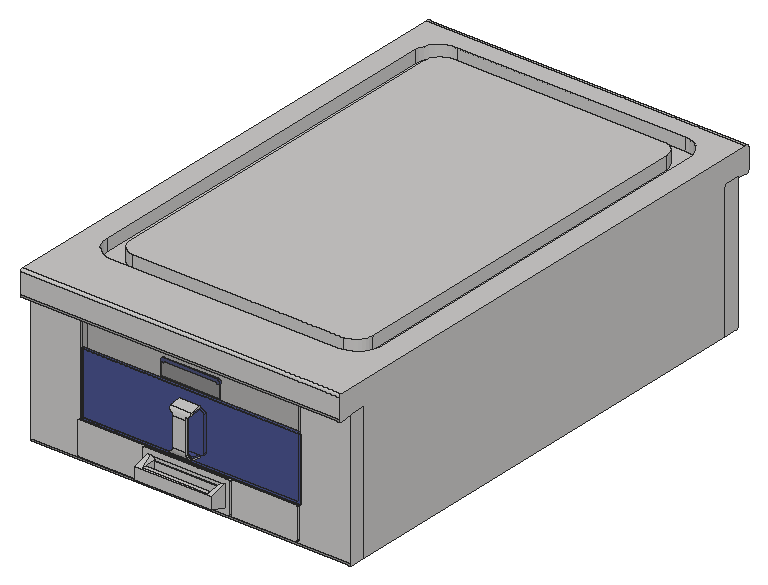
Revit family "QF_ELECTROLUXPROFESSIONAL_588005_MALBACEOAO", category Specialty Equipment, Revit 2018
Family settings
  Round Connector Dimension = Use Diameter
  Part Type = Normal
  Work Plane-Based = No
  Always vertical = Yes
  Cut with Voids When Loaded = No
  Shared = No
  Room Calculation Point = No
Parameters
  Weight in Pounds = 154.3  # constant formula
  Watts = 6000 VA  # 6000 W
  Volts = 400 V  # constant formula
  URL Cutsheet = ""
  Type Mark [instance] = ""
  Status [instance] = ""
  Specification by User [instance] = ""
  Specification by Manufacturer = ""
  Show Clearance [instance] = yes
  Serial Number = ""
  Seismic Rating = ""
  SMACNA No = ""
  Revision Code [instance] = ""
  Phase = 3  # constant formula
  Omniclass Number and Title = ""
  Number of Poles [instance] = 1
  NAFEM Spec ID Number = ""
  Model = "588005"
  Min Ckt Ampacity = 0 A
  Max Overcurrent Protection = 0 A
  Masterspec = ""
  Manufacturer = "ELECTROLUX"
  Item Number [instance] = ""
  Installed By [instance] = ""
  Identify Quantity as Lot [instance] = yes
  HP = "8 HP"
  Furnished By [instance] = ""
  Foodservice Equipment Identifier [instance] = yes
  FL Amps [instance] = if(Phase = 3, Watts / (Volts * 1.73), Watts / Volts)  # 8.67052 A
  Electrical Remarks = "400 V/3N ph/50/60 Hz"  # constant formula
  Electric Connection Type [instance] = ""
  Elec Conn RI Height [instance] = 0 mm
  Elec Conn Connection Height [instance] = 0 mm
  Direct Waste Size = 0"
  Description = "EL.SOLID TOP,2 ZONES,ECO,2S,500X800X250H"
  Cycle [instance] = if([60 Hertz Option], 60 Hz, 50 Hz)  # 60 Hz
  Conn Plug = ""
  Conn Conduit = yes
  CSI MasterFormat = ""
  CSI Master Format = ""
  Back Panel [instance] = yes
  Apparent Power [instance] = if(Phase = 3, Volts * FL Amps * 1.73, Volts * FL Amps)  # 6000 VA
  60 Hertz Option [instance] = not([50 Hertz Option])  # yes
  50 Hertz Option [instance] = no
Reference planes
  plane 1 "BACK": y = -100
  plane 2: z = 0
  plane 3 "LEFT": x = 0
  plane 4 "RIGHT": x = 500
  plane 5 "FRONT": y = -900
  plane 6 "TOP": z = 250
  plane 7: x = 250
  plane 8: y = -500
  plane 9: x = 455
  plane 10: y = -1330
Forms (mm)
  Extrusion 1, solid, material "QF_Finishes_Stainless Steel"
    sketch origin (0, -487.128, 0) x (0, 1, 0) y (0, 0, 1)
      loop
        line (383.128, 250) -> (-408.872, 250)
        arc (-408.872, 250) -> (-411.7, 248.828) -> (-412.872, 246) r 4
        line (-412.872, 246) -> (-412.872, 214)
        arc (-412.872, 214) -> (-411.443, 210.936) -> (-408.177, 210.061) r 4
        line (-408.177, 210.061) -> (-391.509, 213) -> (-366.872, 213) -> (-366.872, 0) -> (341.128, 0) -> (341.128, 213) -> (365.765, 213) -> (382.433, 210.061)
        arc (382.433, 210.061) -> (385.699, 210.936) -> (387.128, 214) r 4
        line (387.128, 214) -> (387.128, 246)
        arc (387.128, 246) -> (385.956, 248.828) -> (383.128, 250) r 4
    from 0 to 500
  Extrusion 2, void
    sketch origin (653.786, -55.952, 250) x (1, 0, 0) y (0, -1, 0)
      loop
        arc (-619.186, 115.648) -> (-608.349, 89.485) -> (-582.186, 78.648) r 37
        line (-582.186, 78.648) -> (-225.386, 78.648)
        arc (-225.386, 78.648) -> (-199.223, 89.485) -> (-188.386, 115.648) r 37
        line (-188.386, 115.648) -> (-188.386, 716.572)
        arc (-188.386, 716.572) -> (-199.656, 743.779) -> (-226.863, 755.048) r 38.476
        line (-226.863, 755.048) -> (-582.186, 755.048)
        arc (-582.186, 755.048) -> (-608.349, 744.211) -> (-619.186, 718.048) r 37
        line (-619.186, 718.048) -> (-619.186, 115.648)
    from 0 to 19.1
  Extrusion 3, solid, material "QF_Finishes_Stainless Steel"
    sketch origin (0, -854, 0) x (1, 0, 0) y (0, -1, 0)
      loop
        circle (455, -169) r 6.35
    from 0 to 3.2
  Extrusion 4, solid, material "QF_Finishes_Stainless Steel"
    sketch origin (653.786, 9.048, 230.9) x (1, 0, 0) y (0, 1, 0)
      loop
        arc (-568.386, -169.048) -> (-586.347, -176.488) -> (-593.786, -194.448) r 25.4
        line (-593.786, -194.448) -> (-593.786, -769.248)
        arc (-593.786, -769.248) -> (-586.347, -787.209) -> (-568.386, -794.648) r 25.4
        line (-568.386, -794.648) -> (-239.186, -794.648)
        arc (-239.186, -794.648) -> (-221.226, -787.209) -> (-213.786, -769.248) r 25.4
        line (-213.786, -769.248) -> (-213.786, -194.448)
        arc (-213.786, -194.448) -> (-221.226, -176.488) -> (-239.186, -169.048) r 25.4
        line (-239.186, -169.048) -> (-568.386, -169.048)
    from 0 to 19.1
  Extrusion 5, solid, material "QF_Door-Drawer Clearances", visible <- "Show Clearance", detail levels coarse
    sketch origin (287.31, -881.593, 8.62) x (0, 0, 1) y (-1, 0, 0)
      loop
        line (1.973, -134.295) -> (49.317, -134.295)
        arc (49.317, -134.295) -> (50.776, -133.691) -> (51.38, -132.232) r 2.063
        line (51.38, -132.232) -> (51.38, 206.852)
        arc (51.38, 206.852) -> (50.88, 208.549) -> (49.541, 209.705) r 3.133
        line (49.541, 209.705) -> (3.067, 209.705)
        arc (3.067, 209.705) -> (0.898, 208.807) -> (0, 206.638) r 3.067
        line (0, 206.638) -> (0, -132.322)
        arc (0, -132.322) -> (0.578, -133.717) -> (1.973, -134.295) r 1.973
    from 0 to 448.407
Cuts and joins
  Extrusion 2 cuts Extrusion 1
Lines and regions (mm)
  symbolic lines
    curve 1: line (0, -100, 0) -> (500, -100, 0)
    curve 2: line (0, -900, 0) -> (0, -100, 0)
    curve 3: line (500, -900, 0) -> (0, -900, 0)
    curve 4: line (500, -100, 0) -> (500, -900, 0)
    curve 5: line (266.108, -902.326, 0) -> (266.108, -900, 0)
    curve 6: spline (260.439, -903.73, 0) -> (260.918, -903.657, 0) -> (261.396, -903.575, 0) -> (261.873, -903.486, 0) -> (262.349, -903.389, 0) -> (262.823, -903.283, 0) -> (263.297, -903.17, 0) -> (263.769, -903.049, 0) -> (264.24, -902.92, 0) -> (264.71, -902.783, 0) -> (265.177, -902.638, 0) -> (265.643, -902.486, 0) -> (266.108, -902.326, 0)
    curve 7: line (233.892, -902.326, 0) -> (233.892, -900, 0)
    curve 8: spline (233.892, -902.326, 0) -> (234.357, -902.486, 0) -> (234.823, -902.638, 0) -> (235.29, -902.783, 0) -> (235.76, -902.92, 0) -> (236.231, -903.049, 0) -> (236.703, -903.17, 0) -> (237.177, -903.283, 0) -> (237.651, -903.389, 0) -> (238.127, -903.486, 0) -> (238.604, -903.575, 0) -> (239.082, -903.657, 0) -> (239.561, -903.73, 0)
    curve 9: line (260.439, -903.73, 0) -> (239.561, -903.73, 0)
    curve 21: line (414.6, -160, 0) -> (85.4, -160, 0)
    curve 22: arc (85.4, -160, 0) -> (67.439, -167.439, 0) -> (60, -185.4, 0) r 25.4
    curve 23: line (60, -185.4, 0) -> (60, -760.2, 0)
    curve 24: arc (60, -760.2, 0) -> (67.439, -778.161, 0) -> (85.4, -785.6, 0) r 25.4
    curve 25: line (85.4, -785.6, 0) -> (414.6, -785.6, 0)
    curve 26: arc (414.6, -785.6, 0) -> (432.561, -778.161, 0) -> (440, -760.2, 0) r 25.4
    curve 27: line (440, -760.2, 0) -> (440, -185.4, 0)
    curve 28: arc (440, -185.4, 0) -> (432.561, -167.439, 0) -> (414.6, -160, 0) r 25.4
    curve 29: line (195.232, -908.767, 0) -> (193.654, -900, 0)
    curve 30: line (195.232, -908.767, 0) -> (297.667, -908.767, 0)
    curve 31: line (297.667, -908.767, 0) -> (299.244, -900, 0)
    curve 32: line (266.108, -97.674, 0) -> (266.108, -100, 0)
    curve 33: spline (260.439, -96.27, 0) -> (260.918, -96.343, 0) -> (261.396, -96.425, 0) -> (261.873, -96.514, 0) -> (262.349, -96.611, 0) -> (262.823, -96.717, 0) -> (263.297, -96.83, 0) -> (263.769, -96.951, 0) -> (264.24, -97.08, 0) -> (264.71, -97.217, 0) -> (265.177, -97.362, 0) -> (265.643, -97.514, 0) -> (266.108, -97.674, 0)
    curve 34: line (233.892, -97.674, 0) -> (233.892, -100, 0)
    curve 35: spline (233.892, -97.674, 0) -> (234.357, -97.514, 0) -> (234.823, -97.362, 0) -> (235.29, -97.217, 0) -> (235.76, -97.08, 0) -> (236.231, -96.951, 0) -> (236.703, -96.83, 0) -> (237.177, -96.717, 0) -> (237.651, -96.611, 0) -> (238.127, -96.514, 0) -> (238.604, -96.425, 0) -> (239.082, -96.343, 0) -> (239.561, -96.27, 0)
    curve 36: line (260.439, -96.27, 0) -> (239.561, -96.27, 0)
  symbolic lines, style "QF_Door-Drawer Clearances"
    curve 10: line (77.605, -1330, 0) -> (77.605, -900, 0)
    curve 11: line (77.605, -1330, 0) -> (421.605, -1330, 0)
    curve 12: line (421.605, -1330, 0) -> (421.605, -900, 0)
  symbolic lines, style "SpecialityEquipment"
    curve 13: line (71.6, -134.6, 0) -> (428.4, -134.6, 0)
    curve 14: arc (428.4, -134.6, 0) -> (454.563, -145.437, 0) -> (465.4, -171.6, 0) r 37
    curve 15: line (465.4, -171.6, 0) -> (465.4, -772.524, 0)
    curve 16: arc (465.4, -772.524, 0) -> (454.131, -799.731, 0) -> (426.924, -811, 0) r 38.476
    curve 17: line (426.924, -811, 0) -> (71.6, -811, 0)
    curve 18: arc (71.6, -811, 0) -> (45.437, -800.163, 0) -> (34.6, -774, 0) r 37
    curve 19: line (34.6, -774, 0) -> (34.6, -171.6, 0)
    curve 20: arc (34.6, -171.6, 0) -> (45.437, -145.437, 0) -> (71.6, -134.6, 0) r 37
Dimensions and locks
  plane 3 "LEFT" to plane 4 "RIGHT" = 500 mm
  plane 5 "FRONT" to plane 1 "BACK" = 800 mm
  equal spacing: plane 3 "LEFT", plane 7, plane 4 "RIGHT"
  equal spacing: plane 5 "FRONT", plane 8, plane 1 "BACK"
  plane 6 "TOP" to level = 250 mm  (x2)
  plane 1 "BACK" to plane 5 "FRONT" = 800 mm
  Extrusion 3 sketch curve to plane 1 "BACK" = 585 mm
  Extrusion 3 sketch curve to plane 4 "RIGHT" = 45 mm
  plane 1 "BACK" to Extrusion 3 = 585 mm
  plane 9 to plane 4 "RIGHT" = 45 mm
  aligned and locked: level to plane 2
  aligned and locked: cut or joined group of Extrusion 1, Extrusion 2 to plane 4 "RIGHT"
  aligned and locked: plane 7 to nested 1
Automatic sketch dimensions
  Extrusion 1 sketch curve to plane 5 "FRONT" = 0 mm
  Extrusion 1 sketch curve to plane 6 "TOP" = 0 mm
  Extrusion 1 sketch curve to level = 0 mm
  Extrusion 1 sketch curve to plane 1 "BACK" = 0 mm
  Extrusion 1 sketch curve to plane 6 "TOP" = 37 mm  (x2)
  Extrusion 1 sketch curve to plane 5 "FRONT" = 4 mm
  Extrusion 1 sketch curve to plane 5 "FRONT" = 21.363 mm
  Extrusion 1 sketch curve to plane 5 "FRONT" = 46 mm
  plane 1 "BACK" to Extrusion 1 sketch curve = 21.363 mm
  plane 1 "BACK" to Extrusion 1 sketch curve = 4 mm  (x2)
  Extrusion 1 sketch curve to Extrusion 1 sketch curve = 4 mm
  Extrusion 1 sketch curve to Extrusion 1 sketch curve = 0.695 mm
  Extrusion 1 sketch curve to Extrusion 1 sketch curve = 0 mm  (x4)
  plane 1 "BACK" to Extrusion 1 sketch curve = 4.695 mm
  Extrusion 1 sketch curve to Extrusion 1 sketch curve = 1 mm  (x2)
  plane 1 "BACK" to Extrusion 1 sketch curve = 46 mm
  Extrusion 1 to Extrusion 2 sketch curve = 34.6 mm  (x2)
  Extrusion 1 to Extrusion 2 sketch curve = 85 mm
  Extrusion 1 to Extrusion 2 sketch curve = 30.6 mm
  Extrusion 2 sketch curve to Extrusion 2 sketch curve = 37 mm  (x2)
  Extrusion 1 to Extrusion 2 sketch curve = 73.076 mm
  Extrusion 1 to Extrusion 2 sketch curve = 71.6 mm
  Extrusion 4 sketch curve to Extrusion 2 = 25.4 mm  (x3)
  Extrusion 4 sketch curve to Extrusion 4 sketch curve = 25.4 mm  (x2)
  Extrusion 4 sketch curve to Extrusion 2 = 50.8 mm  (x3)
  level to Extrusion 5 sketch curve = 8.62 mm
  plane 9 to Extrusion 5 sketch curve = 33.395 mm
  Extrusion 5 sketch curve to Extrusion 5 sketch curve = 1.973 mm
  Extrusion 5 sketch curve to Extrusion 5 sketch curve = 3.067 mm
  Extrusion 5 sketch curve to Extrusion 5 sketch curve = 47.344 mm
  Extrusion 5 sketch curve to Extrusion 5 sketch curve = 46.474 mm
  Extrusion 5 sketch curve to Extrusion 5 sketch curve = 2.063 mm
  Extrusion 5 sketch curve to Extrusion 5 sketch curve = 3.133 mm
  plane 3 "LEFT" to Extrusion 5 sketch curve = 80.672 mm
  plane 1 "BACK" to curve 1 = 0 mm
  curve 1 to plane 4 "RIGHT" = 0 mm
  curve 12 to plane 10 = 0 mm
  curve 2 to plane 3 "LEFT" = 0 mm
  plane 5 "FRONT" to curve 3 = 0 mm
  curve 15 to plane 9 = 10.4 mm
  plane 9 to curve 27 = 15 mm
  plane 9 to curve 13 = 26.6 mm
  plane 9 to curve 17 = 28.076 mm
  plane 9 to curve 12 = 33.395 mm
  curve 14 to curve 21 = 13.8 mm
  curve 16 to curve 25 = 12.324 mm
  plane 5 "FRONT" to curve 31 = 8.767 mm
  plane 7 to curve 31 = 47.667 mm
  plane 5 "FRONT" to curve 5 = 2.326 mm
  plane 7 to curve 5 = 16.108 mm
  plane 5 "FRONT" to curve 9 = 3.73 mm
  curve 6 to curve 9 = 5.669 mm
  curve 9 to plane 7 = 10.439 mm
  plane 5 "FRONT" to curve 7 = 2.326 mm
  curve 9 to curve 7 = 5.669 mm
  curve 8 to curve 29 = 38.66 mm
  plane 3 "LEFT" to curve 21 = 85.4 mm
  plane 3 "LEFT" to curve 25 = 85.4 mm
  plane 3 "LEFT" to curve 10 = 77.605 mm
  curve 21 to curve 13 = 13.8 mm
  curve 25 to curve 17 = 13.8 mm
  curve 20 to curve 23 = 11.6 mm
  curve 23 to curve 19 = 25.4 mm
  curve 31 to curve 30 = 1.578 mm
  plane 7 to curve 33 = 16.108 mm
  curve 32 to curve 33 = 5.669 mm
  plane 5 "FRONT" to curve 6 = 4.032 mm
  curve 6 to curve 6 = 4.17 mm
  plane 7 to curve 33 = 6.269 mm
  curve 35 to plane 7 = 6.269 mm
  curve 8 to plane 7 = 6.269 mm
  curve 35 to curve 36 = 4.17 mm
  curve 36 to curve 34 = 5.669 mm
  curve 29 to curve 29 = 1.578 mm
  plane 1 "BACK" to curve 13 = 34.6 mm
  curve 21 to curve 20 = 11.6 mm
  curve 23 to plane 5 "FRONT" = 139.8 mm
  curve 26 to curve 15 = 12.324 mm
  curve 35 to curve 33 = 0 mm
  curve 33 to curve 36 = 0.302 mm
  curve 33 to curve 32 = 1.405 mm
  curve 36 to curve 35 = 1.405 mm
  curve 34 to curve 34 = 2.326 mm
  curve 8 to curve 6 = 0 mm
  radius of Extrusion 3 sketch curve = 6.35 mm
Nested families
  nested 1: "EST_800_500 Panel Single Centered" at (250, -854, -651.71), type "EST_800_500 Panel Single Centered"
  nested 2: "EST_800_500 Panel Single Centered" at (250, -146, -651.71), type "EST_800_500 Panel Single Centered"
    with Show Greas Trap no
Connectors
  electrical at (455, -685, -3.2), driven by "Volts", driven by "Watts"
    settings: on Extrusion 3, index 1, voltage 400 V, apparent load 6000 VA, apparent load phase1 0 VA, apparent load phase2 0 VA, apparent load phase3 0 VA, power factor 1, load classification "Other", number of poles 1, system type 30, power factor state 1, is connector primary yes, connector utility no, sub classification motor no, connector description "ELECTRICAL CONNECTION"
Definition of nested family "EST_800_500 Panel Single Centered"
  Parameters
    Show Greas Trap [instance] = yes
  Reference planes
    plane 1 "Center (Front/Back)": y = 0
    plane 2: z = 0
    plane 3 "Center (Left/Right)": x = 0
  Forms (mm)
    Extrusion 1, solid
      sketch origin (833.217, 829.203, -1.25) x (0, 1, 0) y (0, 0, 1)
        loop
          arc (-854.203, 655.96) -> (-853.324, 653.839) -> (-851.203, 652.96) r 3
          line (-851.203, 652.96) -> (-829.203, 652.96) -> (-829.203, 865.96) -> (-854.203, 865.96) -> (-854.203, 655.96)
      from -1083.217 to -583.217
    Extrusion 2, void
      sketch origin (33.217, 829.203, 0.636) x (1, 0, 0) y (0, 0, 1)
        loop
          line (-205.217, 852.364) -> (-205.217, 710.364) -> (138.783, 710.364) -> (138.783, 852.364) -> (-205.217, 852.364)
      from 843.409 to 854.203
  Cuts and joins
    Extrusion 2 cuts Extrusion 1
  Dimensions and locks
    cut or joined group of Extrusion 1, Extrusion 2 to cut or joined group of Extrusion 1, Extrusion 2 = 500 mm  (x2)
    equal spacing: cut or joined group of Extrusion 1, Extrusion 2, nested 1, cut or joined group of Extrusion 1, Extrusion 2
    cut or joined group of Extrusion 1, Extrusion 2 to cut or joined group of Extrusion 1, Extrusion 2 = 213 mm
    aligned and locked: nested 1 to cut or joined group of Extrusion 1, Extrusion 2
  Automatic sketch dimensions
    Extrusion 1 sketch curve to plane 1 "Center (Front/Back)" = 0 mm
    plane 1 "Center (Front/Back)" to Extrusion 1 sketch curve = 22 mm
    Extrusion 1 sketch curve to Extrusion 1 sketch curve = 3 mm
    level to Extrusion 1 sketch curve = 651.71 mm
    Extrusion 1 sketch curve to Extrusion 1 sketch curve = 210 mm
    Extrusion 2 sketch curve to plane 3 "Center (Left/Right)" = 172 mm
    plane 3 "Center (Left/Right)" to Extrusion 2 sketch curve = 172 mm
    level to Extrusion 2 sketch curve = 711 mm
    Extrusion 2 sketch curve to Extrusion 2 sketch curve = 142 mm
  Nested families
    nested 1: "glass conrol panel One Right Side" at (0, 279.791, 1.886), type "glass conrol panel One Right Side"
    nested 2: "Range Control Handle" at (0, -27.043, -209.113), type "Range Control Handle"
    nested 3: "grease trap door" at (65.223, -25, 0.608) x (-1, 0, 0) z (0, 0, 1), visible <- "Show Greas Trap", type "grease trap door"
  Definition of nested family "glass conrol panel One Right Side"
    Reference planes
      plane 1 "Center (Front/Back)": y = 0
      plane 2: z = 0
      plane 3 "Center (Left/Right)": x = 0
    Forms (mm)
      Extrusion 1, solid
        sketch origin (378.286, 0, 0.617) x (1, 0, 0) y (0, 0, 1)
          loop
            line (-550.286, 806.791) -> (-550.286, 708.497) -> (-206.286, 708.497) -> (-206.286, 806.791) -> (-550.286, 806.791)
        from 300.031 to 304.8
      Extrusion 2, solid
        sketch origin (378.286, 0, 0.617) x (1, 0, 0) y (0, 0, 1)
          loop
            line (-550.286, 850.497) -> (-550.286, 806.791) -> (-206.286, 806.791) -> (-206.286, 850.497) -> (-550.286, 850.497)
        from 300.031 to 304.8
      Extrusion 3, solid
        sketch origin (308.333, 1.101, -0.633) x (1, 0, 0) y (0, 0, 1)
          loop
            line (-261.431, 812.62) -> (-261.431, 834.177) -> (-266.24, 834.177) -> (-268.039, 835.977) -> (-348.469, 835.977) -> (-350.269, 834.177) -> (-355.186, 834.177) -> (-355.186, 812.62) -> (-261.431, 812.62)
        from 304.798 to 306.745
      Extrusion 4, solid
        sketch origin (308.333, 1.101, -0.633) x (1, 0, 0) y (0, 0, 1)
          loop
            line (-350.269, 834.177) -> (-348.469, 835.977) -> (-268.039, 835.977) -> (-266.24, 834.177) -> (-261.529, 834.177)
            arc (-261.529, 834.177) -> (-262.706, 838.752) -> (-266.98, 840.763) r 5.549
            line (-266.98, 840.763) -> (-349.686, 840.763)
            arc (-349.686, 840.763) -> (-353.942, 838.747) -> (-355.078, 834.177) r 5.5
            line (-355.078, 834.177) -> (-350.269, 834.177)
        from 304.798 to 306.745
      Extrusion 5, void
        sketch origin (378.286, 0, 0.617) x (1, 0, 0) y (0, 0, 1)
          loop
            line (-547.628, 847.565) -> (-547.628, 710.699) -> (-209.196, 710.699) -> (-209.196, 847.565) -> (-547.628, 847.565)
        from 303.697 to 304.8
    Cuts and joins
      Extrusion 5 cuts Extrusion 2
      Extrusion 5 cuts Extrusion 1
    Dimensions and locks
      aligned and locked: Extrusion 1 to Extrusion 2
      aligned and locked: Extrusion 4 sketch curve to Extrusion 3  (x4)
      aligned and locked: Extrusion 3 to Extrusion 4 sketch curve
      aligned and locked: Extrusion 4 to Extrusion 3
  Definition of nested family "Range Control Handle"
    Reference planes
      plane 1 "Center (Front/Back)": y = 0
      plane 2: z = 0
      plane 3 "Center (Left/Right)": x = 0
      plane 4: z = 971.092
    Forms (mm)
      Extrusion 1, solid
        sketch origin (-746.28, 380.497, 208.931) x (-1, 0, 0) y (0, 0, 1)
          loop
            line (-770.101, 786.798) -> (-770.101, 731.649)
            arc (-770.101, 731.649) -> (-769.759, 730.563) -> (-768.855, 729.87) r 1.893
            line (-768.855, 729.87) -> (-763.474, 727.911) -> (-729.81, 727.911) -> (-724.428, 729.87)
            arc (-724.428, 729.87) -> (-723.525, 730.563) -> (-723.183, 731.649) r 1.893
            line (-723.183, 731.649) -> (-723.183, 786.798)
            arc (-723.183, 786.798) -> (-723.529, 787.894) -> (-724.44, 788.593) r 1.91
            line (-724.44, 788.593) -> (-729.683, 790.819) -> (-763.601, 790.819) -> (-768.844, 788.593)
            arc (-768.844, 788.593) -> (-769.755, 787.894) -> (-770.101, 786.798) r 1.91
        from -382.35 to -378.852
      Sweep 2, solid
        path origin (-746.788, 380.496, 208.091) x (0, -1, 0) y (0, 0, 1)
          loop
            line (379.775, 793.281) -> (395.661, 791.048)
            arc (395.661, 791.048) -> (397.781, 787.377) -> (398.517, 783.202) r 12.207
            line (398.517, 783.202) -> (398.517, 737.368)
            arc (398.517, 737.368) -> (397.781, 733.193) -> (395.661, 729.522) r 12.207
            line (395.661, 729.522) -> (379.775, 727.289)
        profile origin (-746.788, -7.222, 1000.256) x (0, -0.139173, 0.990268) y (-1, 0, 0)
          loop
            line (0.782, -763.123) -> (0.782, -730.907) -> (-1.322, -730.907) -> (-1.322, -763.123) -> (0.782, -763.123)
      Sweep 3, solid
        path origin (-746.788, 380.715, 207.832) x (0, -1, 0) y (0, 0, 1)
          loop
            line (380.478, 795.442) -> (397.218, 793.09)
            arc (397.218, 793.09) -> (399.929, 788.473) -> (400.871, 783.202) r 15.207
            line (400.871, 783.202) -> (400.871, 737.584)
            arc (400.871, 737.584) -> (399.914, 732.274) -> (397.164, 727.633) r 15.207
            line (397.164, 727.633) -> (380.601, 725.305)
        profile origin (-746.788, -8.132, 1002.099) x (0, -0.139173, 0.990268) y (-1, 0, 0)
          loop
            line (0.782, -763.123) -> (0.782, -730.907) -> (-1.322, -730.907) -> (-1.322, -763.123) -> (0.782, -763.123)
      Extrusion 4, void
        sketch origin (889.253, 220.666, 207.993) x (1, 0, 0) y (0, 0, 1)
          loop
            line (-943.038, 816.854) -> (-943.038, 703.686) -> (-899.466, 734.196) -> (-899.466, 786.344) -> (-943.038, 816.854)
        from 230.636 to 242.25
      Extrusion 5, void
        sketch origin (-888.8, 220.666, 207.993) x (-1, 0, 0) y (0, 0, -1)
          loop
            line (-943.038, -816.854) -> (-899.466, -786.344) -> (-899.466, -734.196) -> (-943.038, -703.686) -> (-943.038, -816.854)
        from 230.636 to 242.25
      Extrusion 6, solid
        sketch origin (0, 0, 0) x (1, 0, 0) y (0, 0, 1)
          loop
            circle (0, 971.092) r 7.736
        from -3.137 to -1.645
    Cuts and joins
      Extrusion 4, Extrusion 5 cuts Sweep 3
      Extrusion 4, Extrusion 5 cuts Sweep 2
      joined: Extrusion 1, Extrusion 6
    Lines and regions (mm)
      symbolic lines
        curve 1: line (23.821, 1.645, 0) -> (-23.097, 1.645, 0)
        curve 2: line (16.334, -1.853, 0) -> (23.821, -1.853, 0)
        curve 3: line (-15.881, -19.189, 0) -> (-15.881, -1.853, 0)
        curve 4: line (-23.097, -1.853, 0) -> (-15.881, -1.853, 0)
        curve 5: line (16.334, -19.189, 0) -> (16.334, -1.853, 0)
        curve 6: spline (-15.881, -19.189, 0) -> (-15.417, -19.349, 0) -> (-14.951, -19.501, 0) -> (-14.483, -19.646, 0) -> (-14.014, -19.783, 0) -> (-13.543, -19.912, 0) -> (-13.071, -20.033, 0) -> (-12.597, -20.146, 0) -> (-12.122, -20.251, 0) -> (-11.646, -20.349, 0) -> (-11.169, -20.438, 0) -> (-10.691, -20.52, 0) -> (-10.213, -20.593, 0)
        curve 7: spline (10.666, -20.593, 0) -> (11.144, -20.52, 0) -> (11.622, -20.438, 0) -> (12.099, -20.349, 0) -> (12.575, -20.251, 0) -> (13.05, -20.146, 0) -> (13.524, -20.033, 0) -> (13.996, -19.912, 0) -> (14.467, -19.783, 0) -> (14.936, -19.646, 0) -> (15.404, -19.501, 0) -> (15.87, -19.349, 0) -> (16.334, -19.189, 0)
        curve 8: line (-10.213, -20.938, 0) -> (10.716, -20.938, 0)
        curve 9: line (-23.097, 1.645, 0) -> (-23.097, -1.853, 0)
        curve 10: line (23.821, 1.645, 0) -> (23.821, -1.853, 0)
  Definition of nested family "grease trap door"
    Reference planes
      plane 1 "Center (Front/Back)": y = 0
      plane 2: z = 0
      plane 3 "Center (Left/Right)": x = 0
    Forms (mm)
      Extrusion 1, solid
        sketch origin (1627.55, 854.203, -1.25) x (1, 0, 0) y (0, 0, 1)
          loop
            arc (-1627.55, 661.235) -> (-1626.972, 659.84) -> (-1625.577, 659.262) r 1.973
            line (-1625.577, 659.262) -> (-1494.325, 659.262)
            arc (-1494.325, 659.262) -> (-1492.156, 660.16) -> (-1491.258, 662.329) r 3.067
            line (-1491.258, 662.329) -> (-1491.258, 708.803)
            arc (-1491.258, 708.803) -> (-1492.414, 710.143) -> (-1494.111, 710.642) r 3.133
            line (-1494.111, 710.642) -> (-1625.486, 710.642)
            arc (-1625.486, 710.642) -> (-1626.945, 710.038) -> (-1627.55, 708.579) r 2.063
            line (-1627.55, 708.579) -> (-1627.55, 661.235)
        from 856.795 to 859.203
      Extrusion 2, solid
        sketch origin (445.874, 2476.61, 0) x (0, 1, 0) y (0, 0, 1)
          loop
            line (-2506.377, 675.273) -> (-2481.61, 667.505) -> (-2481.61, 700.995) -> (-2506.377, 693.227) -> (-2506.377, 675.273)
        from -437.68 to -317.68
      Extrusion 3, void
        sketch origin (1627.55, 854.203, -1.25) x (1, 0, 0) y (0, 0, 1)
          loop
            line (-1614.883, 703) -> (-1610.542, 695.433) -> (-1508.17, 695.433) -> (-1503.828, 703) -> (-1614.883, 703)
          loop
            line (-1614.883, 668) -> (-1502.669, 668) -> (-1507.01, 675.567) -> (-1610.542, 675.567) -> (-1614.883, 668)
        from 832.916 to 883.97
      Extrusion 4, void
        sketch origin (447.55, 854.203, -1.25) x (1, 0, 0) y (0, 0, 1)
          loop
            line (-430.542, 695.433) -> (-430.542, 675.567) -> (-328.17, 675.567) -> (-328.17, 695.433) -> (-430.542, 695.433)
        from 859.203 to 874.202
      Extrusion 5, solid
        sketch origin (1627.55, 854.203, -1.25) x (1, 0, 0) y (0, 0, 1)
          loop
            arc (-1731.556, 661.235) -> (-1730.978, 659.84) -> (-1729.583, 659.262) r 1.973
            line (-1729.583, 659.262) -> (-1390.623, 659.262)
            arc (-1390.623, 659.262) -> (-1388.454, 660.16) -> (-1387.556, 662.329) r 3.067
            line (-1387.556, 662.329) -> (-1387.556, 708.803)
            arc (-1387.556, 708.803) -> (-1388.712, 710.143) -> (-1390.409, 710.642) r 3.133
            line (-1390.409, 710.642) -> (-1729.493, 710.642)
            arc (-1729.493, 710.642) -> (-1730.952, 710.038) -> (-1731.556, 708.579) r 2.063
            line (-1731.556, 708.579) -> (-1731.556, 661.235)
        from 854.203 to 856.795
    Cuts and joins
      Extrusion 3 cuts Extrusion 1
      Extrusion 3, Extrusion 4 cuts Extrusion 2
      joined: Extrusion 1, Extrusion 2
    Lines and regions (mm)
      symbolic lines
        curve 1: line (0, -2.593, 0) -> (136.292, -2.593, 0)
        curve 2: line (17.557, -29.767, 0) -> (12.667, -2.593, 0)
        curve 3: line (17.557, -29.767, 0) -> (119.991, -29.767, 0)
        curve 4: line (119.991, -29.767, 0) -> (124.881, -2.593, 0)
        curve 5: line (68.146, -2.593, 0) -> (68.146, -29.767, 0)
      model lines
        curve 6: line (67.599, 0, 658.012) -> (67.599, 0, 709.392)
    Dimensions and locks
      aligned and locked: Extrusion 2 to Extrusion 1
      aligned and locked: Extrusion 3 to Extrusion 2
      aligned and locked: Extrusion 4 to Extrusion 1
